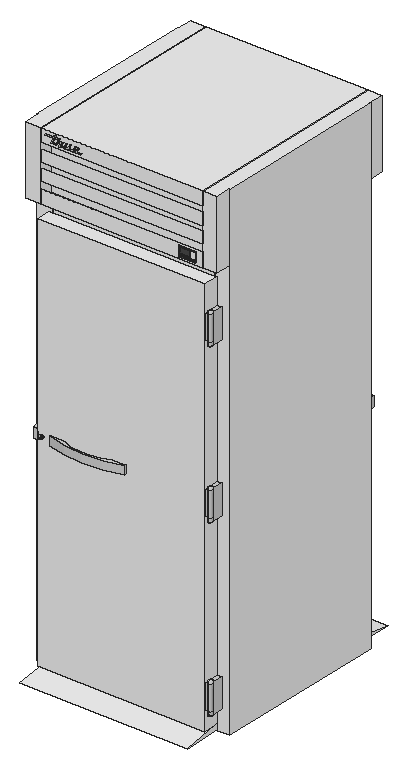
Revit family
Parameters
  Weight in Pounds = 0
  Watts = Volts * FL Amps  # 1023.5 W
  Volts = 115 V
  URL Cutsheet = "www.truemfg.com"
  URL = "www.truemfg.com"
  Type Mark [instance] = ""
  Type Comments = ""
  Status [instance] = ""
  Specification by User [instance] = ""
  Specification by Manufacturer = ""
  Show Logo [instance] = yes
  Show Clearance [instance] = yes
  Serial Number = ""
  Seismic Rating = ""
  SMACNA No = ""
  Revision Code [instance] = ""
  Phase = 1
  Omniclass Number and Title = ""
  Number of Poles [instance] = 1
  NAFEM Spec ID Number = ""
  Model = "STA1RRT89-1S-1S"
  Min Ckt Ampacity = 0 A
  Max Overcurrent Protection = 0 A
  Masterspec = ""
  Manufacturer = "TRUE FOOD SERVICE EQUIPMENT, INC."
  Length = 35"
  Item Number [instance] = ""
  Installed By [instance] = ""
  Identify Quantity as Lot [instance] = yes
  Height = 88 3/4"
  HP = "1/3"
  Furnished By [instance] = ""
  Foodservice Equipment Identifier [instance] = yes
  FL Amps = 8.9 A
  Electrical Remarks [instance] = ""
  Electric Connection Type [instance] = ""
  Elec Conn RI Height [instance] = 0"
  Elec Conn Connection Height [instance] = 0"
  Description = "Roll-thru Solid Swing Door Refrigerator"
  Depth = 37 1/2"
  Cycle = 60 Hz
  Conn Plug = "5-15P"
  Conn Conduit = yes
  CSI MasterFormat = ""
  CSI Master Format = ""
  Apparent Power = if(Phase = 3, Volts * FL Amps * 1.73, Volts * FL Amps)  # 1023.5 VA
Reference planes (in)
  plane 1 "BACK": y = 0
  plane 2: z = 0
  plane 3 "LEFT": x = 0
  plane 4 "RIGHT": x = 35
  plane 5 "FRONT": y = -37.5
  plane 6 "TOP": z = 88.75
  plane 7: x = 2.84375
  plane 8: y = -37.4542
  plane 9: x = 32.15625
  plane 10: y = -0.0458
  plane 11: y = -18.75
  plane 12: z = 73.75
Forms (in)
  Extrusion 1, solid, material "QF_Finishes_Chrome - Satin"
    sketch origin (0.05, 0, 0) x (1, 0, 0) y (0, 1, 0)
      loop
        line (-0.05, -2.75) -> (-0.05, -34.75) -> (2.87859, -34.75) -> (2.87859, -2.75) -> (-0.05, -2.75)
    from 0 to 88.75
  Extrusion 2, solid, material "QF_Finishes_Chrome - Satin"
    sketch origin (50.15, 0, 0) x (1, 0, 0) y (0, 1, 0)
      loop
        line (-17.85, -2.75) -> (-17.85, -34.75) -> (-15.15, -34.75) -> (-15.15, -2.75) -> (-17.85, -2.75)
    from 0 to 88.75
  Extrusion 3, solid, material "QF_Finishes_Chrome - Satin"
    sketch origin (0, 0, 0) x (0, 1, 0) y (0, 0, 1)
      loop
        line (-37.4542, 76.28125) -> (-34.75, 76.28125) -> (-34.75, 0) -> (-2.75, 0) -> (-2.75, 76.28125) -> (-0.0458, 76.28125) -> (-0.0458, 78.81726) -> (-2.25, 77.25) -> (-2.25, 78.52557) -> (-0.0458, 80.09284) -> (-0.0458, 82.18904) -> (-2.25, 80.62178) -> (-2.25, 81.58254) -> (-0.0458, 83.1498) -> (-0.0458, 85.28351) -> (-2.25, 83.71625) -> (-2.25, 84.83852) -> (-0.0458, 86.40578) -> (-0.0458, 88.75) -> (-37.4542, 88.75) -> (-37.4542, 86.40578) -> (-35.25, 84.83852) -> (-35.25, 83.71625) -> (-37.4542, 85.28351) -> (-37.4542, 83.1498) -> (-35.25, 81.58254) -> (-35.25, 80.62178) -> (-37.4542, 82.18904) -> (-37.4542, 80.09284) -> (-35.25, 78.52557) -> (-35.25, 77.25) -> (-37.4542, 78.81726) -> (-37.4542, 76.28125)
    from 2.92859 to 32.3
  Extrusion 4, solid, material "QF_Finishes_Chrome - Satin"
    sketch origin (0, 0, 0) x (1, 0, 0) y (0, 1, 0)
      loop
        line (34.84782, -34.75) -> (32.3, -34.75) -> (32.3, -37.5) -> (34.84782, -37.5) -> (34.84782, -34.75)
      loop
        line (34.84782, -2.75) -> (34.84782, 0) -> (32.3, 0) -> (32.3, -2.75) -> (34.84782, -2.75)
    from 76.28125 to 88.75
  Extrusion 5, solid, material "QF_Finishes_Chrome - Satin"
    sketch origin (-50.125, 0, 0.25) x (1, 0, 0) y (0, 1, 0)
      loop
        line (53.05359, -34.75) -> (50.24109, -34.75) -> (50.24109, -37.5) -> (53.05359, -37.5) -> (53.05359, -34.75)
      loop
        line (53.05359, -2.75) -> (53.05359, 0) -> (50.24109, 0) -> (50.24109, -2.75) -> (53.05359, -2.75)
    from 76.03125 to 88.5
  Extrusion 6, solid, material "QF_Finishes_Chrome - Satin"
    sketch origin (-24.96875, -3.75, -0.71875) x (1, 0, 0) y (0, 0, 1)
      loop
        line (27.25, 1.71875) -> (57.65625, 1.71875) -> (57.65625, 74.46875) -> (27.25, 74.46875) -> (27.25, 1.71875)
    from 31 to 33.75
  Extrusion 7, solid, material "QF_Finishes_Handrails and Railings"
    sketch origin (58.625, -0.25, 26.93519) x (1, 0, 0) y (0, 1, 0)
      loop
        line (-53.875, -37.25) -> (-53.875, -37.45)
        arc (-53.875, -37.45) -> (-47.075, -38.65633) -> (-40.275, -37.45) r 19.7687
        line (-40.275, -37.45) -> (-40.275, -37.25) -> (-42.675, -37.25)
        arc (-42.675, -37.25) -> (-47.075, -38.40816) -> (-51.475, -37.25) r 8.93713
        line (-51.475, -37.25) -> (-53.875, -37.25)
    from 10.87731 to 12.37731
  Extrusion 8, solid, material "QF_Finishes_Handrails and Railings"
    sketch origin (-23.375, -3.83467, -1.5) x (1, 0, 0) y (0, 0, 1)
      loop
        circle (26.4375, 40.0625) r 0.35
      loop
        line (26.47265, 40.33635) -> (26.41715, 40.33635) -> (26.41715, 39.76895) -> (26.47265, 39.76895) -> (26.47265, 40.33635)
    from 33.5 to 33.83066
  Extrusion 9, solid, material "QF_Finishes_Handrails and Railings", visible <- "Show Logo"
    sketch origin (0.33478, -2.68623, 5.01857) x (1, 0, 0) y (0, 0, 1)
      loop
        line (3.46044, 83.08731) -> (3.35478, 82.86073) -> (4.76027, 82.86073)
        arc (4.76027, 82.86073) -> (4.78879, 82.81028) -> (4.76027, 82.75984) r 0.05887
        line (4.76027, 82.75984) -> (4.39369, 81.97372)
        arc (4.39369, 81.97372) -> (4.39051, 81.90091) -> (4.43975, 81.84717) r 0.09523
        line (4.43975, 81.84717) -> (5.33844, 81.84717)
        arc (5.33844, 81.84717) -> (5.45192, 81.88295) -> (5.52436, 81.97735) r 0.19785
        line (5.52436, 81.97735) -> (5.81285, 82.59601) -> (6.0779, 82.59601)
        arc (6.0779, 82.59601) -> (6.14744, 82.57043) -> (6.13737, 82.49703) r 0.05911
        line (6.13737, 82.49703) -> (5.89598, 81.97937)
        arc (5.89598, 81.97937) -> (5.89974, 81.8934) -> (5.97231, 81.84717) r 0.09318
        line (5.97231, 81.84717) -> (6.76198, 81.84717)
        arc (6.76198, 81.84717) -> (6.82249, 81.86919) -> (6.85468, 81.92495) r 0.09412
        arc (6.85468, 81.92495) -> (6.87746, 81.86995) -> (6.93246, 81.84717) r 0.07778
        line (6.93246, 81.84717) -> (7.43246, 81.84717)
        arc (7.43246, 81.84717) -> (7.49022, 81.86265) -> (7.53251, 81.90493) r 0.11552
        arc (7.53251, 81.90493) -> (7.55275, 81.85606) -> (7.60162, 81.83581) r 0.06912
        line (7.60162, 81.83581) -> (8.31225, 81.83581)
        arc (8.31225, 81.83581) -> (8.37034, 81.85988) -> (8.39441, 81.91797) r 0.08216
        arc (8.39441, 81.91797) -> (8.44767, 81.86472) -> (8.52042, 81.84522) r 0.14551
        line (8.52042, 81.84522) -> (9.85158, 81.84522) -> (9.99946, 82.10134) -> (8.65678, 82.10134)
        arc (8.65678, 82.10134) -> (8.61972, 82.12704) -> (8.61834, 82.17211) r 0.05009
        line (8.61834, 82.17211) -> (8.64157, 82.22192)
        arc (8.64157, 82.22192) -> (8.67723, 82.26864) -> (8.73327, 82.28635) r 0.09747
        line (8.73327, 82.28635) -> (9.16485, 82.28635)
        arc (9.16485, 82.28635) -> (9.258, 82.31131) -> (9.32619, 82.3795) r 0.1863
        line (9.32619, 82.3795) -> (9.45119, 82.59601)
        arc (9.45119, 82.59601) -> (9.45119, 82.71157) -> (9.35111, 82.76934) r 0.11556
        line (9.35111, 82.76934) -> (8.89562, 82.76934)
        arc (8.89562, 82.76934) -> (8.7795, 82.74962) -> (8.69849, 82.66412) r 0.18605
        line (8.69849, 82.66412) -> (8.48204, 82.19993)
        arc (8.48204, 82.19993) -> (8.41815, 82.11667) -> (8.31806, 82.08511) r 0.1745
        line (8.31806, 82.08511) -> (7.84559, 82.08511)
        arc (7.84559, 82.08511) -> (7.78903, 82.14684) -> (7.79268, 82.23048) r 0.10939
        line (7.79268, 82.23048) -> (8.04395, 82.76934) -> (7.88403, 82.76934) -> (7.61781, 82.19844)
        arc (7.61781, 82.19844) -> (7.56609, 82.13103) -> (7.48505, 82.10548) r 0.14128
        line (7.48505, 82.10548) -> (7.15925, 82.10548)
        arc (7.15925, 82.10548) -> (7.10419, 82.17723) -> (7.116, 82.26689) r 0.11816
        line (7.116, 82.26689) -> (7.3503, 82.76934) -> (7.18514, 82.76934) -> (6.91546, 82.191)
        arc (6.91546, 82.191) -> (6.85285, 82.12839) -> (6.76733, 82.10548) r 0.17104
        line (6.76733, 82.10548) -> (6.29555, 82.10548)
        arc (6.29555, 82.10548) -> (6.21082, 82.14499) -> (6.20267, 82.23813) r 0.0935
        line (6.20267, 82.23813) -> (6.35774, 82.57069) -> (6.57695, 82.57069)
        arc (6.57695, 82.57069) -> (6.61395, 82.68217) -> (6.69267, 82.76934) r 0.2857
        line (6.69267, 82.76934) -> (5.83605, 82.76934)
        arc (5.83605, 82.76934) -> (5.74086, 82.74824) -> (5.67498, 82.67635) r 0.16212
        line (5.67498, 82.67635) -> (5.44279, 82.17841)
        arc (5.44279, 82.17841) -> (5.3894, 82.12502) -> (5.31647, 82.10548) r 0.14586
        line (5.31647, 82.10548) -> (4.80506, 82.10548)
        arc (4.80506, 82.10548) -> (4.76514, 82.15942) -> (4.77274, 82.22609) r 0.09155
        line (4.77274, 82.22609) -> (5.11018, 82.86073) -> (5.96155, 82.86073) -> (6.06721, 83.08731) -> (5.21584, 83.08731) -> (5.32149, 83.31388) -> (5.01862, 83.31388) -> (4.91297, 83.08731) -> (3.46044, 83.08731)
      loop
        arc (8.83805, 82.56363) -> (8.80119, 82.55375) -> (8.7742, 82.52676) r 0.07373
        line (8.7742, 82.52676) -> (8.75229, 82.45936)
        arc (8.75229, 82.45936) -> (8.76245, 82.43483) -> (8.78699, 82.42466) r 0.0347
        line (8.78699, 82.42466) -> (9.15948, 82.42466)
        arc (9.15948, 82.42466) -> (9.18632, 82.43061) -> (9.20812, 82.44734) r 0.0635
        line (9.20812, 82.44734) -> (9.22624, 82.53122)
        arc (9.22624, 82.53122) -> (9.22091, 82.55368) -> (9.20009, 82.56363) r 0.02676
        line (9.20009, 82.56363) -> (8.83805, 82.56363)
    from 34.76797 to 34.83173
  Extrusion 10, solid, material "QF_Finishes_White"
    sketch origin (-22.74812, -2.7042, -7.94372) x (1, 0, 0) y (0, 0, 1)
      loop
        line (50.81732, 86.35727) -> (50.81732, 84.60996) -> (53.72357, 84.60996) -> (53.72357, 86.35727) -> (50.81732, 86.35727)
    from 34.75 to 34.76797
  Extrusion 11, solid, material "QF_Finishes_Black"
    sketch origin (-22.74812, -2.7042, -7.94372) x (1, 0, 0) y (0, 0, 1)
      loop
        line (53.78607, 86.41977) -> (50.75482, 86.41977) -> (50.75482, 84.54746) -> (53.78607, 84.54746) -> (53.78607, 86.41977)
      loop
        spline (50.95482, 84.87872) -> (50.96333, 84.86254) -> (50.98831, 84.84747) -> (51.02804, 84.83452) -> (51.07982, 84.82459) -> (51.14011, 84.81835) -> (51.20482, 84.81622) -> (51.26952, 84.81835) -> (51.32982, 84.82459) -> (51.38159, 84.83452) -> (51.42132, 84.84747) -> (51.4463, 84.86254) -> (51.45482, 84.87872)
        spline (51.45482, 84.87872) -> (51.4463, 84.89489) -> (51.42132, 84.90997) -> (51.38159, 84.92291) -> (51.32982, 84.93284) -> (51.26952, 84.93909) -> (51.20482, 84.94122) -> (51.14011, 84.93909) -> (51.07982, 84.93284) -> (51.02804, 84.92291) -> (50.98831, 84.90997) -> (50.96333, 84.89489) -> (50.95482, 84.87872)
      loop
        spline (51.65083, 84.87872) -> (51.65935, 84.86254) -> (51.68432, 84.84747) -> (51.72405, 84.83452) -> (51.77583, 84.82459) -> (51.83612, 84.81835) -> (51.90083, 84.81622) -> (51.96553, 84.81835) -> (52.02583, 84.82459) -> (52.07761, 84.83452) -> (52.11734, 84.84747) -> (52.14231, 84.86254) -> (52.15083, 84.87872)
        spline (52.15083, 84.87872) -> (52.14231, 84.89489) -> (52.11734, 84.90997) -> (52.07761, 84.92291) -> (52.02583, 84.93284) -> (51.96553, 84.93909) -> (51.90083, 84.94122) -> (51.83612, 84.93909) -> (51.77583, 84.93284) -> (51.72405, 84.92291) -> (51.68432, 84.90997) -> (51.65935, 84.89489) -> (51.65083, 84.87872)
      loop
        spline (52.40083, 84.87872) -> (52.40935, 84.86254) -> (52.43432, 84.84747) -> (52.47405, 84.83452) -> (52.52583, 84.82459) -> (52.58612, 84.81835) -> (52.65083, 84.81622) -> (52.71553, 84.81835) -> (52.77583, 84.82459) -> (52.82761, 84.83452) -> (52.86734, 84.84747) -> (52.89231, 84.86254) -> (52.90083, 84.87872)
        spline (52.90083, 84.87872) -> (52.89231, 84.89489) -> (52.86734, 84.90997) -> (52.82761, 84.92291) -> (52.77583, 84.93284) -> (52.71553, 84.93909) -> (52.65083, 84.94122) -> (52.58612, 84.93909) -> (52.52583, 84.93284) -> (52.47405, 84.92291) -> (52.43432, 84.90997) -> (52.40935, 84.89489) -> (52.40083, 84.87872)
      loop
        line (50.95481, 86.21978) -> (50.95481, 85.21978) -> (52.65433, 85.21978) -> (52.65433, 86.21978) -> (50.95481, 86.21978)
      loop
        line (53.72357, 86.35727) -> (50.81732, 86.35727) -> (50.81732, 84.60996) -> (53.72357, 84.60996) -> (53.72357, 86.35727)
      loop
        spline (53.15083, 84.87872) -> (53.15935, 84.86254) -> (53.18432, 84.84747) -> (53.22405, 84.83452) -> (53.27583, 84.82459) -> (53.33612, 84.81835) -> (53.40083, 84.81622) -> (53.46553, 84.81835) -> (53.52583, 84.82459) -> (53.57761, 84.83452) -> (53.61734, 84.84747) -> (53.64231, 84.86254) -> (53.65083, 84.87872)
        spline (53.65083, 84.87872) -> (53.64231, 84.89489) -> (53.61734, 84.90997) -> (53.57761, 84.92291) -> (53.52583, 84.93284) -> (53.46553, 84.93909) -> (53.40083, 84.94122) -> (53.33612, 84.93909) -> (53.27583, 84.93284) -> (53.22405, 84.92291) -> (53.18432, 84.90997) -> (53.15935, 84.89489) -> (53.15083, 84.87872)
    from 34.76797 to 34.80335
  Extrusion 12, solid
    sketch origin (-25.125, 0, 0) x (1, 0, 0) y (0, 0, 1)
      loop
        circle (56.875, 86.625) r 0.25
    from 0 to 0.0625
  Blend 13, solid, material "QF_Finishes_Handrails and Railings"
    base sketch origin (27.53125, -3.75, 0.5) x (-1, 0, 0) y (0, 0, -1)
      loop
        line (25.25, -38.99169) -> (26, -38.99169) -> (26, -37.24169) -> (25.25, -37.24169) -> (25.25, -38.99169)
    top sketch origin (27.53125, 0, 0.5) x (-1, 0, 0) y (0, 0, -1)
      loop
        line (26.18223, -36.6441) -> (25.25, -36.6441) -> (25.25, -39.42643) -> (26.18223, -39.42643) -> (26.18223, -36.6441)
    from 33.57883 to 34.75
  Extrusion 14, solid, material "QF_Finishes_Handrails and Railings"
    sketch origin (33.78125, 0, 0) x (0, 1, 0) y (0, 0, -1)
      loop
        line (-34.75, -69.17729) -> (-34.75, -63.86127) -> (-37, -63.86127) -> (-37, -64.57348) -> (-36.56497, -64.57348) -> (-36.56497, -68.97276)
        arc (-36.56497, -68.97276) -> (-36.50506, -69.11738) -> (-36.36044, -69.17729) r 0.20453
        line (-36.36044, -69.17729) -> (-34.75, -69.17729)
    from 0.17506 to 1
  Revolve 15, solid, material "QF_Finishes_Handrails and Railings"
    sketch origin (33.28125, 0, 0) x (0, 1, 0) y (0, 0, -1)
      loop
        line (-37.01563, -64.62689) -> (-37.42229, -64.62689) -> (-37.42229, -69.0986)
        arc (-37.42229, -69.0986) -> (-37.28722, -69.35057) -> (-37.01563, -69.43983) r 0.3848
        line (-37.01563, -69.43983) -> (-37.01563, -64.62689)
      loop
        line (-37.01563, -64.57348) -> (-37.01563, -63.67281)
        arc (-37.01563, -63.67281) -> (-37.28264, -63.75883) -> (-37.42229, -64.00212) r 0.38884
        line (-37.42229, -64.00212) -> (-37.42229, -64.57348) -> (-37.01563, -64.57348)
      axis (-37.01563, -63.67281) -> (-37.01563, -69.43983)
    angle from 0 to 360
  Extrusion 16, solid, material "QF_Finishes_Handrails and Railings"
    sketch origin (27.5, -3.82734, 0.0011) x (-1, 0, 0) y (0, 0, -1)
      loop
        line (-5.58509, -69.0986) -> (-5.1875, -69.0986) -> (-5.1875, -64.62579) -> (-5.58509, -64.62579) -> (-5.58509, -69.0986)
    from 32.81497 to 33.59495
  Extrusion 17, solid, material "QF_Finishes_Handrails and Railings"
    sketch origin (33.78125, 0, -24) x (0, 1, 0) y (0, 0, -1)
      loop
        line (-34.75, -64.55229) -> (-34.75, -59.23627) -> (-37, -59.23627) -> (-37, -59.94848) -> (-36.56497, -59.94848) -> (-36.56497, -64.34776)
        arc (-36.56497, -64.34776) -> (-36.50506, -64.49238) -> (-36.36044, -64.55229) r 0.20453
        line (-36.36044, -64.55229) -> (-34.75, -64.55229)
    from 0.17506 to 1
  Revolve 18, solid, material "QF_Finishes_Handrails and Railings"
    sketch origin (33.28125, 0, -24) x (0, 1, 0) y (0, 0, -1)
      loop
        line (-37.01563, -60.00189) -> (-37.42229, -60.00189) -> (-37.42229, -64.4736)
        arc (-37.42229, -64.4736) -> (-37.28722, -64.72557) -> (-37.01563, -64.81483) r 0.3848
        line (-37.01563, -64.81483) -> (-37.01563, -60.00189)
      loop
        line (-37.01563, -59.94848) -> (-37.01563, -59.04781)
        arc (-37.01563, -59.04781) -> (-37.28264, -59.13383) -> (-37.42229, -59.37712) r 0.38884
        line (-37.42229, -59.37712) -> (-37.42229, -59.94848) -> (-37.01563, -59.94848)
      axis (-37.01563, -59.04781) -> (-37.01563, -64.81483)
    angle from 0 to 360
  Extrusion 19, solid, material "QF_Finishes_Handrails and Railings"
    sketch origin (27.5, -3.82734, -23.9989) x (-1, 0, 0) y (0, 0, -1)
      loop
        line (-5.58509, -64.4736) -> (-5.1875, -64.4736) -> (-5.1875, -60.00079) -> (-5.58509, -60.00079) -> (-5.58509, -64.4736)
    from 32.81497 to 33.59495
  Extrusion 20, solid, material "QF_Finishes_Handrails and Railings"
    sketch origin (33.78125, 0, -55.5) x (0, 1, 0) y (0, 0, -1)
      loop
        line (-34.75, -64.55229) -> (-34.75, -59.23627) -> (-37, -59.23627) -> (-37, -59.94848) -> (-36.56497, -59.94848) -> (-36.56497, -64.34776)
        arc (-36.56497, -64.34776) -> (-36.50506, -64.49238) -> (-36.36044, -64.55229) r 0.20453
        line (-36.36044, -64.55229) -> (-34.75, -64.55229)
    from 0.17506 to 1
  Revolve 21, solid, material "QF_Finishes_Handrails and Railings"
    sketch origin (33.28125, 0, -55.5) x (0, 1, 0) y (0, 0, -1)
      loop
        line (-37.01563, -60.00189) -> (-37.42229, -60.00189) -> (-37.42229, -64.4736)
        arc (-37.42229, -64.4736) -> (-37.28722, -64.72557) -> (-37.01563, -64.81483) r 0.3848
        line (-37.01563, -64.81483) -> (-37.01563, -60.00189)
      loop
        line (-37.01563, -59.94848) -> (-37.01563, -59.04781)
        arc (-37.01563, -59.04781) -> (-37.28264, -59.13383) -> (-37.42229, -59.37712) r 0.38884
        line (-37.42229, -59.37712) -> (-37.42229, -59.94848) -> (-37.01563, -59.94848)
      axis (-37.01563, -59.04781) -> (-37.01563, -64.81483)
    angle from 0 to 360
  Extrusion 22, solid, material "QF_Finishes_Handrails and Railings"
    sketch origin (27.5, -3.82734, -55.4989) x (-1, 0, 0) y (0, 0, -1)
      loop
        line (-5.58509, -64.4736) -> (-5.1875, -64.4736) -> (-5.1875, -60.00079) -> (-5.58509, -60.00079) -> (-5.58509, -64.4736)
    from 32.81497 to 33.59495
  Extrusion 23, solid, material "QF_Finishes_Door Clearance", visible <- "Show Clearance", detail levels coarse
    sketch origin (26.42841, -3.6098, 0) x (1, 0, 0) y (0, 1, 0)
      loop
        line (6.32159, -33.8902) -> (-24.14716, -33.8902)
        arc (-24.14716, -33.8902) -> (-15.22307, -55.43486) -> (6.32159, -64.35895) r 30.46875
        line (6.32159, -64.35895) -> (6.32159, -33.8902)
    from 1 to 73.75
  Extrusion 24, solid, material "QF_Finishes_Chrome - Satin"
    sketch origin (32.6875, -3.75, 1) x (0, 0, 1) y (0, -1, 0)
      loop
        line (-1, 37.6875) -> (-1, 31) -> (0, 31) -> (-1, 37.6875)
    from 0 to -30.40625
  Extrusion 25, solid, material "QF_Finishes_Chrome - Satin"
    sketch origin (59.96875, -33.75, -0.71875) x (-1, 0, 0) y (0, 0, 1)
      loop
        line (27.25, 1.71875) -> (57.65625, 1.71875) -> (57.65625, 74.46875) -> (27.25, 74.46875) -> (27.25, 1.71875)
    from 31 to 33.75
  Extrusion 26, solid, material "QF_Finishes_Handrails and Railings"
    sketch origin (-23.625, -37.25, 26.93519) x (-1, 0, 0) y (0, -1, 0)
      loop
        line (-53.875, -37.25) -> (-53.875, -37.45)
        arc (-53.875, -37.45) -> (-47.075, -38.65628) -> (-40.275, -37.45) r 19.76948
        line (-40.275, -37.45) -> (-40.275, -37.25) -> (-42.675, -37.25)
        arc (-42.675, -37.25) -> (-47.075, -38.40816) -> (-51.475, -37.25) r 8.93715
        line (-51.475, -37.25) -> (-53.875, -37.25)
    from 10.87731 to 12.37731
  Extrusion 27, solid, material "QF_Finishes_Handrails and Railings"
    sketch origin (58.375, -33.66533, -1.5) x (-1, 0, 0) y (0, 0, 1)
      loop
        circle (26.4375, 40.0625) r 0.35
      loop
        line (26.47265, 40.33635) -> (26.41715, 40.33635) -> (26.41715, 39.76895) -> (26.47265, 39.76895) -> (26.47265, 40.33635)
    from 33.5 to 33.83066
  Blend 28, solid, material "QF_Finishes_Handrails and Railings"
    base sketch origin (7.46875, -33.75, 0.5) x (1, 0, 0) y (0, 0, -1)
      loop
        line (25.25, -38.99169) -> (26, -38.99169) -> (26, -37.24169) -> (25.25, -37.24169) -> (25.25, -38.99169)
    top sketch origin (7.46875, -37.5, 0.5) x (1, 0, 0) y (0, 0, -1)
      loop
        line (26.18223, -36.6441) -> (25.25, -36.6441) -> (25.25, -39.42643) -> (26.18223, -39.42643) -> (26.18223, -36.6441)
    from 33.57883 to 34.75
  Extrusion 29, solid, material "QF_Finishes_Handrails and Railings"
    sketch origin (1.21875, -37.5, 0) x (0, -1, 0) y (0, 0, -1)
      loop
        line (-34.75, -69.17729) -> (-34.75, -63.86127) -> (-37, -63.86127) -> (-37, -64.57348) -> (-36.56497, -64.57348) -> (-36.56497, -68.97276)
        arc (-36.56497, -68.97276) -> (-36.50506, -69.11738) -> (-36.36044, -69.17729) r 0.20453
        line (-36.36044, -69.17729) -> (-34.75, -69.17729)
    from 0.17506 to 1
  Revolve 30, solid, material "QF_Finishes_Handrails and Railings"
    sketch origin (1.71875, -37.5, 0) x (0, -1, 0) y (0, 0, -1)
      loop
        line (-37.01563, -64.62689) -> (-37.42229, -64.62689) -> (-37.42229, -69.0986)
        arc (-37.42229, -69.0986) -> (-37.28722, -69.35057) -> (-37.01563, -69.43983) r 0.3848
        line (-37.01563, -69.43983) -> (-37.01563, -64.62689)
      loop
        line (-37.01563, -64.57348) -> (-37.01563, -63.67281)
        arc (-37.01563, -63.67281) -> (-37.28264, -63.75883) -> (-37.42229, -64.00212) r 0.38884
        line (-37.42229, -64.00212) -> (-37.42229, -64.57348) -> (-37.01563, -64.57348)
      axis (-37.01563, -63.67281) -> (-37.01563, -69.43983)
    angle from 0 to 360
  Extrusion 31, solid, material "QF_Finishes_Handrails and Railings"
    sketch origin (7.5, -33.67266, 0.0011) x (1, 0, 0) y (0, 0, -1)
      loop
        line (-5.58509, -69.0986) -> (-5.1875, -69.0986) -> (-5.1875, -64.62579) -> (-5.58509, -64.62579) -> (-5.58509, -69.0986)
    from 32.81497 to 33.59495
  Extrusion 32, solid, material "QF_Finishes_Handrails and Railings"
    sketch origin (1.21875, -37.5, -24) x (0, -1, 0) y (0, 0, -1)
      loop
        line (-34.75, -64.55229) -> (-34.75, -59.23627) -> (-37, -59.23627) -> (-37, -59.94848) -> (-36.56497, -59.94848) -> (-36.56497, -64.34776)
        arc (-36.56497, -64.34776) -> (-36.50506, -64.49238) -> (-36.36044, -64.55229) r 0.20453
        line (-36.36044, -64.55229) -> (-34.75, -64.55229)
    from 0.17506 to 1
  Revolve 33, solid, material "QF_Finishes_Handrails and Railings"
    sketch origin (1.71875, -37.5, -24) x (0, -1, 0) y (0, 0, -1)
      loop
        line (-37.01563, -60.00189) -> (-37.42229, -60.00189) -> (-37.42229, -64.4736)
        arc (-37.42229, -64.4736) -> (-37.28722, -64.72557) -> (-37.01563, -64.81483) r 0.3848
        line (-37.01563, -64.81483) -> (-37.01563, -60.00189)
      loop
        line (-37.01563, -59.94848) -> (-37.01563, -59.04781)
        arc (-37.01563, -59.04781) -> (-37.28264, -59.13383) -> (-37.42229, -59.37712) r 0.38884
        line (-37.42229, -59.37712) -> (-37.42229, -59.94848) -> (-37.01563, -59.94848)
      axis (-37.01563, -59.04781) -> (-37.01563, -64.81483)
    angle from 0 to 360
  Extrusion 34, solid, material "QF_Finishes_Handrails and Railings"
    sketch origin (7.5, -33.67266, -23.9989) x (1, 0, 0) y (0, 0, -1)
      loop
        line (-5.58509, -64.4736) -> (-5.1875, -64.4736) -> (-5.1875, -60.00079) -> (-5.58509, -60.00079) -> (-5.58509, -64.4736)
    from 32.81497 to 33.59495
  Extrusion 35, solid, material "QF_Finishes_Handrails and Railings"
    sketch origin (1.21875, -37.5, -55.5) x (0, -1, 0) y (0, 0, -1)
      loop
        line (-34.75, -64.55229) -> (-34.75, -59.23627) -> (-37, -59.23627) -> (-37, -59.94848) -> (-36.56497, -59.94848) -> (-36.56497, -64.34776)
        arc (-36.56497, -64.34776) -> (-36.50506, -64.49238) -> (-36.36044, -64.55229) r 0.20453
        line (-36.36044, -64.55229) -> (-34.75, -64.55229)
    from 0.17506 to 1
  Revolve 36, solid, material "QF_Finishes_Handrails and Railings"
    sketch origin (1.71875, -37.5, -55.5) x (0, -1, 0) y (0, 0, -1)
      loop
        line (-37.01563, -60.00189) -> (-37.42229, -60.00189) -> (-37.42229, -64.4736)
        arc (-37.42229, -64.4736) -> (-37.28722, -64.72557) -> (-37.01563, -64.81483) r 0.3848
        line (-37.01563, -64.81483) -> (-37.01563, -60.00189)
      loop
        line (-37.01563, -59.94848) -> (-37.01563, -59.04781)
        arc (-37.01563, -59.04781) -> (-37.28264, -59.13383) -> (-37.42229, -59.37712) r 0.38884
        line (-37.42229, -59.37712) -> (-37.42229, -59.94848) -> (-37.01563, -59.94848)
      axis (-37.01563, -59.04781) -> (-37.01563, -64.81483)
    angle from 0 to 360
  Extrusion 37, solid, material "QF_Finishes_Handrails and Railings"
    sketch origin (7.5, -33.67266, -55.4989) x (1, 0, 0) y (0, 0, -1)
      loop
        line (-5.58509, -64.4736) -> (-5.1875, -64.4736) -> (-5.1875, -60.00079) -> (-5.58509, -60.00079) -> (-5.58509, -64.4736)
    from 32.81497 to 33.59495
  Extrusion 38, solid, material "QF_Finishes_Door Clearance", visible <- "Show Clearance", detail levels coarse
    sketch origin (8.57159, -33.8902, 0) x (-1, 0, 0) y (0, -1, 0)
      loop
        line (6.32159, -33.8902) -> (-24.14716, -33.8902)
        arc (-24.14716, -33.8902) -> (-15.22307, -55.43486) -> (6.32159, -64.35895) r 30.46875
        line (6.32159, -64.35895) -> (6.32159, -33.8902)
    from 1 to 73.75
  Extrusion 39, solid, material "QF_Finishes_Chrome - Satin"
    sketch origin (2.3125, -33.75, 1) x (0, 0, 1) y (0, 1, 0)
      loop
        line (-1, 37.6875) -> (-1, 31) -> (0, 31) -> (-1, 37.6875)
    from 0 to -30.40625
Cuts and joins
  joined: Extrusion 1, Extrusion 2, Extrusion 4, Extrusion 5
Lines and regions (in)
  symbolic lines
    curve 1: line (0, 0, 0) -> (35, 0, 0)
    curve 2: line (0, -37.5, 0) -> (0, 0, 0)
    curve 3: line (35, -37.5, 0) -> (0, -37.5, 0)
    curve 4: line (35, 0, 0) -> (35, -37.5, 0)
    curve 5: line (35, -35.25, 0) -> (0, -35.25, 0)
    curve 6: arc (15.95746, -37.5, 0) -> (11.55746, -38.65816, 0) -> (7.15746, -37.5, 0) r 8.93715
    curve 7: line (4.75746, -37.5, 0) -> (4.75746, -37.70273, 0)
    curve 8: line (18.35746, -37.69726, 0) -> (18.35746, -37.5, 0)
    curve 13: line (16.65, 0.2, 0) -> (16.65, 0, 0)
    curve 14: line (30.25, 0, 0) -> (30.25, 0.2, 0)
    curve 15: arc (19.05, 0, 0) -> (23.45, 1.15816, 0) -> (27.85, 0, 0) r 8.93715
    curve 16: arc (4.75746, -37.70273, 0) -> (11.55795, -38.90633, 0) -> (18.35746, -37.69726, 0) r 19.7687
    curve 17: arc (30.25, 0.2, 0) -> (23.45, 1.40628, 0) -> (16.65, 0.2, 0) r 19.76948
    curve 18: line (35, -2.25, 0) -> (0, -2.25, 0)
  symbolic lines, style "QF-Door Swings", visible <- "Show Clearance", detail levels coarse
    curve 9: line (32.75, -37.5, 0) -> (32.75, -67.96875, 0)
    curve 10: arc (32.75, -67.96875, 0) -> (11.20534, -59.04466, 0) -> (2.28125, -37.5, 0) r 30.46875
    curve 11: line (2.25, 0, 0) -> (2.25, 30.46875, 0)
    curve 12: arc (2.25, 30.46875, 0) -> (23.79466, 21.54466, 0) -> (32.71875, 0, 0) r 30.46875
Dimensions and locks (in)
  "Depth": plane 5 "FRONT" to plane 1 "BACK"
  plane 6 "TOP" to level = 88 3/4"  (x2)
  Extrusion 6 sketch curve to Extrusion 6 sketch curve = 30 13/32"
  Extrusion 6 to plane 1 "BACK" = 37 1/2"
  "Length": plane 3 "LEFT" to plane 4 "RIGHT"
  plane 4 "RIGHT" to plane 3 "LEFT" = 35"
  plane 5 "FRONT" to plane 1 "BACK" = 37 1/2"
  Extrusion 25 sketch curve to Extrusion 25 sketch curve = 30 13/32"
  plane 12 to level = 73 3/4"
  aligned and locked: level to plane 2
Automatic sketch dimensions
  Extrusion 39 sketch curve to Extrusion 25 = 0"
  Extrusion 39 sketch curve to Extrusion 39 sketch curve = 1"
  Extrusion 39 sketch curve to Extrusion 25 = 3 15/16"
  Extrusion 1 sketch curve to plane 3 "LEFT" = 0"
  plane 1 "BACK" to Extrusion 1 sketch curve = 2 3/4"
  plane 7 to Extrusion 1 sketch curve = 0.08484"
  Extrusion 1 sketch curve to plane 5 "FRONT" = 2 3/4"
  plane 1 "BACK" to Extrusion 2 sketch curve = 2 3/4"
  Extrusion 2 sketch curve to plane 4 "RIGHT" = 0"
  Extrusion 2 sketch curve to plane 9 = 0.14375"
  Extrusion 2 sketch curve to plane 5 "FRONT" = 2 3/4"
  Extrusion 3 sketch curve to plane 8 = 0"  (x4)
  Extrusion 3 sketch curve to level = 0"
  Extrusion 3 sketch curve to plane 10 = 0"  (x4)
  Extrusion 3 sketch curve to plane 6 "TOP" = 0"
  plane 8 to Extrusion 3 sketch curve = 2.2042"
  Extrusion 3 sketch curve to Extrusion 3 sketch curve = 0"  (x3)
  plane 8 to Extrusion 3 sketch curve = 2.7042"
  Extrusion 3 sketch curve to Extrusion 3 sketch curve = 2.7042"
  plane 10 to Extrusion 3 sketch curve = 2.2042"
  Extrusion 3 sketch curve to Extrusion 3 sketch curve = 1/2"
  Extrusion 3 sketch curve to plane 6 "TOP" = 12 15/32"  (x2)
  Extrusion 3 sketch curve to Extrusion 3 sketch curve = 31/32"  (x2)
  Extrusion 3 sketch curve to Extrusion 3 sketch curve = 1.27557"  (x4)
  Extrusion 3 sketch curve to Extrusion 3 sketch curve = 0.29169"  (x2)
  Extrusion 3 sketch curve to Extrusion 3 sketch curve = 2.0962"  (x4)
  Extrusion 3 sketch curve to Extrusion 3 sketch curve = 0.96076"  (x4)
  Extrusion 3 sketch curve to Extrusion 3 sketch curve = 2.13371"  (x4)
  Extrusion 3 sketch curve to Extrusion 3 sketch curve = 1.12227"  (x4)
  Extrusion 6 sketch curve to plane 7 = 9/16"
  level to Extrusion 6 sketch curve = 1"
  Extrusion 6 sketch curve to plane 6 "TOP" = 15"
  plane 7 to Extrusion 8 sketch curve = 0.1984"
  plane 7 to Extrusion 8 sketch curve = 7/32"
  Extrusion 8 sketch curve to Extrusion 8 sketch curve = 0.0555"
  level to Extrusion 8 sketch curve = 38.26895"
  Extrusion 8 sketch curve to Extrusion 8 sketch curve = 0.29355"
  Extrusion 8 sketch curve to Extrusion 8 sketch curve = 0.27385"
  plane 7 to Extrusion 9 sketch curve = 0.84582"
  Extrusion 9 sketch curve to Extrusion 9 sketch curve = 0.10565"  (x5)
  Extrusion 9 sketch curve to Extrusion 9 sketch curve = 1.03891"
  Extrusion 9 sketch curve to Extrusion 9 sketch curve = 0.04606"
  Extrusion 9 sketch curve to Extrusion 9 sketch curve = 0.08631"
  Extrusion 9 sketch curve to Extrusion 9 sketch curve = 0.33624"
  Extrusion 9 sketch curve to Extrusion 9 sketch curve = 0.03034"  (x2)
  Extrusion 9 sketch curve to Extrusion 9 sketch curve = 0.29274"
  Extrusion 9 sketch curve to Extrusion 9 sketch curve = 0.03232"
  Extrusion 9 sketch curve to Extrusion 9 sketch curve = 0.04851"
  Extrusion 9 sketch curve to plane 6 "TOP" = 0.64412"
  Extrusion 9 sketch curve to Extrusion 9 sketch curve = 0.1527"
  Extrusion 9 sketch curve to plane 6 "TOP" = 0.41755"
  Extrusion 9 sketch curve to Extrusion 9 sketch curve = 0.19721"
  Extrusion 9 sketch curve to Extrusion 9 sketch curve = 0.4629"
  Extrusion 9 sketch curve to Extrusion 9 sketch curve = 0.02197"
  Extrusion 9 sketch curve to Extrusion 9 sketch curve = 0.12632"
  Extrusion 9 sketch curve to Extrusion 9 sketch curve = 0.18591"
  Extrusion 9 sketch curve to plane 6 "TOP" = 1.05508"
  Extrusion 9 sketch curve to Extrusion 9 sketch curve = 0.2322"
  Extrusion 9 sketch curve to Extrusion 9 sketch curve = 0.13786"
  Extrusion 9 sketch curve to Extrusion 9 sketch curve = 0.00907"
  Extrusion 9 sketch curve to Extrusion 9 sketch curve = 0.01413"
  Extrusion 9 sketch curve to Extrusion 9 sketch curve = 0.37162"
  Extrusion 9 sketch curve to plane 6 "TOP" = 0.8707"
  Extrusion 9 sketch curve to Extrusion 9 sketch curve = 0.12551"
  Extrusion 9 sketch curve to Extrusion 9 sketch curve = 0.07633"
  Extrusion 9 sketch curve to Extrusion 9 sketch curve = 0.08445"
  Extrusion 9 sketch curve to Extrusion 9 sketch curve = 0.25598"
  Extrusion 9 sketch curve to Extrusion 9 sketch curve = 0.01887"
  Extrusion 9 sketch curve to Extrusion 9 sketch curve = 0.04061"
  Extrusion 9 sketch curve to plane 6 "TOP" = 1.4933"
  Extrusion 9 sketch curve to Extrusion 9 sketch curve = 0.0653"
  Extrusion 9 sketch curve to Extrusion 9 sketch curve = 0.08474"
  Extrusion 9 sketch curve to Extrusion 9 sketch curve = 0.00815"
  Extrusion 9 sketch curve to Extrusion 9 sketch curve = 0.22037"
  Extrusion 9 sketch curve to Extrusion 9 sketch curve = 0.21921"
  Extrusion 9 sketch curve to Extrusion 9 sketch curve = 0.11572"
  Extrusion 9 sketch curve to Extrusion 9 sketch curve = 0.46643"
  Extrusion 9 sketch curve to Extrusion 9 sketch curve = 0.00535"
  Extrusion 9 sketch curve to Extrusion 9 sketch curve = 0.09269"
  Extrusion 9 sketch curve to Extrusion 9 sketch curve = 0.09348"
  Extrusion 9 sketch curve to Extrusion 9 sketch curve = 0.14812"
  Extrusion 9 sketch curve to Extrusion 9 sketch curve = 0.07778"
  Extrusion 9 sketch curve to Extrusion 9 sketch curve = 0.20054"
  Extrusion 9 sketch curve to Extrusion 9 sketch curve = 0.04325"
  Extrusion 9 sketch curve to plane 6 "TOP" = 0.96209"  (x2)
  Extrusion 9 sketch curve to Extrusion 9 sketch curve = 0.32433"
  Extrusion 9 sketch curve to Extrusion 9 sketch curve = 0.10233"  (x2)
  Extrusion 9 sketch curve to Extrusion 9 sketch curve = 0.16515"
  Extrusion 9 sketch curve to Extrusion 9 sketch curve = 0.27321"
  Extrusion 9 sketch curve to Extrusion 9 sketch curve = 0.0526"
  Extrusion 9 sketch curve to Extrusion 9 sketch curve = 0.10005"
  Extrusion 9 sketch curve to Extrusion 9 sketch curve = 0.06912"
  Extrusion 9 sketch curve to Extrusion 9 sketch curve = 0.13276"
  Extrusion 9 sketch curve to plane 6 "TOP" = 1.50095"
  Extrusion 9 sketch curve to Extrusion 9 sketch curve = 0.17486"
  Extrusion 9 sketch curve to Extrusion 9 sketch curve = 0.05291"
  Extrusion 9 sketch curve to Extrusion 9 sketch curve = 0.53374"
  Extrusion 9 sketch curve to Extrusion 9 sketch curve = 0.09914"
  Extrusion 9 sketch curve to Extrusion 9 sketch curve = 0.15992"
  Extrusion 9 sketch curve to Extrusion 9 sketch curve = 0.46666"
  Extrusion 9 sketch curve to Extrusion 9 sketch curve = 0.00582"
  Extrusion 9 sketch curve to Extrusion 9 sketch curve = 0.08216"
  Extrusion 9 sketch curve to Extrusion 9 sketch curve = 0.16397"
  Extrusion 9 sketch curve to Extrusion 9 sketch curve = 0.12601"
  Extrusion 9 sketch curve to plane 6 "TOP" = 1.55932"
  Extrusion 9 sketch curve to Extrusion 9 sketch curve = 0.1363"
  Extrusion 9 sketch curve to plane 6 "TOP" = 1.50951"
  Extrusion 9 sketch curve to Extrusion 9 sketch curve = 0.02323"
  Extrusion 9 sketch curve to Extrusion 9 sketch curve = 0.03844"
  Extrusion 9 sketch curve to Extrusion 9 sketch curve = 0.0454"
  Extrusion 9 sketch curve to Extrusion 9 sketch curve = 0.05693"
  Extrusion 9 sketch curve to Extrusion 9 sketch curve = 0.0917"
  Extrusion 9 sketch curve to Extrusion 9 sketch curve = 0.01902"
  Extrusion 9 sketch curve to Extrusion 9 sketch curve = 0.02191"
  Extrusion 9 sketch curve to Extrusion 9 sketch curve = 0.0347"
  Extrusion 9 sketch curve to Extrusion 9 sketch curve = 0.06385"
  Extrusion 9 sketch curve to Extrusion 9 sketch curve = 0.02906"
  Extrusion 9 sketch curve to Extrusion 9 sketch curve = 0.02851"
  Extrusion 9 sketch curve to Extrusion 9 sketch curve = 0.29237"
  Extrusion 9 sketch curve to Extrusion 9 sketch curve = 0.00537"
  Extrusion 9 sketch curve to Extrusion 9 sketch curve = 0.0406"
  Extrusion 9 sketch curve to plane 6 "TOP" = 1.28409"
  Extrusion 9 sketch curve to Extrusion 9 sketch curve = 0.04327"
  Extrusion 9 sketch curve to Extrusion 9 sketch curve = 0.02615"
  Extrusion 9 sketch curve to plane 6 "TOP" = 1.35193"
  Extrusion 9 sketch curve to Extrusion 9 sketch curve = 0.11806"
  Extrusion 9 sketch curve to Extrusion 9 sketch curve = 0.15103"
  Extrusion 9 sketch curve to Extrusion 9 sketch curve = 0.10007"
  Extrusion 9 sketch curve to Extrusion 9 sketch curve = 0.5254"
  Extrusion 9 sketch curve to plane 6 "TOP" = 1.63009"
  Extrusion 9 sketch curve to Extrusion 9 sketch curve = 0.14787"
  Extrusion 9 sketch curve to Extrusion 9 sketch curve = 0.14537"
  Extrusion 9 sketch curve to Extrusion 9 sketch curve = 0.63134"
  Extrusion 9 sketch curve to Extrusion 9 sketch curve = 0.11061"
  Extrusion 9 sketch curve to Extrusion 9 sketch curve = 0.25876"
  Extrusion 9 sketch curve to Extrusion 9 sketch curve = 0.06767"
  Extrusion 9 sketch curve to Extrusion 9 sketch curve = 0.12655"
  Extrusion 9 sketch curve to Extrusion 9 sketch curve = 0.12242"
  Extrusion 9 sketch curve to Extrusion 9 sketch curve = 0.29684"
  Extrusion 9 sketch curve to Extrusion 9 sketch curve = 0.03938"
  Extrusion 9 sketch curve to Extrusion 9 sketch curve = 0.06046"
  Extrusion 9 sketch curve to Extrusion 9 sketch curve = 0.13266"
  Extrusion 9 sketch curve to Extrusion 9 sketch curve = 0.14279"
  Extrusion 9 sketch curve to Extrusion 9 sketch curve = 0.07293"
  Extrusion 9 sketch curve to Extrusion 9 sketch curve = 0.07764"
  Extrusion 9 sketch curve to Extrusion 9 sketch curve = 0.03794"
  Extrusion 9 sketch curve to Extrusion 9 sketch curve = 0.08552"
  Extrusion 9 sketch curve to Extrusion 9 sketch curve = 0.09296"
  Extrusion 9 sketch curve to Extrusion 9 sketch curve = 0.02781"
  Extrusion 9 sketch curve to Extrusion 9 sketch curve = 0.04799"
  Extrusion 9 sketch curve to Extrusion 9 sketch curve = 0.03054"
  Extrusion 9 sketch curve to Extrusion 9 sketch curve = 0.2589"
  Extrusion 9 sketch curve to Extrusion 9 sketch curve = 0.0674"
  Extrusion 9 sketch curve to Extrusion 9 sketch curve = 0.0324"
  Extrusion 9 sketch curve to Extrusion 9 sketch curve = 0.26185"
  Extrusion 9 sketch curve to Extrusion 9 sketch curve = 11/256"
  Extrusion 9 sketch curve to Extrusion 9 sketch curve = 0.07366"
  Extrusion 9 sketch curve to Extrusion 9 sketch curve = 0.02187"
  Extrusion 9 sketch curve to Extrusion 9 sketch curve = 0.06479"
  Extrusion 9 sketch curve to Extrusion 9 sketch curve = 0.05778"
  Extrusion 9 sketch curve to Extrusion 9 sketch curve = 0.32747"
  Extrusion 9 sketch curve to Extrusion 9 sketch curve = 0.05045"
  Extrusion 9 sketch curve to Extrusion 9 sketch curve = 29/128"
  plane 9 to Extrusion 10 sketch curve = 4.08705"
  plane 9 to Extrusion 10 sketch curve = 1.1808"
  Extrusion 10 sketch curve to plane 6 "TOP" = 12.08376"
  Extrusion 10 sketch curve to Extrusion 10 sketch curve = 1.74732"
  plane 9 to Extrusion 11 sketch curve = 4.14955"
  Extrusion 11 sketch curve to Extrusion 11 sketch curve = 1/16"  (x4)
  Extrusion 11 sketch curve to Extrusion 11 sketch curve = 0.1375"  (x3)
  Extrusion 11 sketch curve to Extrusion 11 sketch curve = 1/4"  (x4)
  Extrusion 11 sketch curve to Extrusion 11 sketch curve = 0.44601"
  Extrusion 11 sketch curve to Extrusion 11 sketch curve = 1/2"  (x2)
  Extrusion 11 sketch curve to Extrusion 11 sketch curve = 0.0035"
  Extrusion 11 sketch curve to Extrusion 11 sketch curve = 1.06923"
  Extrusion 11 sketch curve to plane 6 "TOP" = 12.14626"
  Extrusion 11 sketch curve to Extrusion 11 sketch curve = 0.26876"  (x2)
  Extrusion 11 sketch curve to Extrusion 11 sketch curve = 0"  (x2)
  Extrusion 11 sketch curve to Extrusion 11 sketch curve = 0.34106"
  Extrusion 11 sketch curve to Extrusion 11 sketch curve = 1"
  plane 9 to Extrusion 12 sketch curve = 13/32"
  Extrusion 12 sketch curve to plane 6 "TOP" = 2 1/8"
  Blend 13 sketch curve to plane 7 = 9/16"
  Blend 13 sketch curve to Blend 13 sketch curve = 3/4"
  level to Blend 13 sketch curve = 39.49169"
  Blend 13 sketch curve to Blend 13 sketch curve = 1 3/4"
  plane 7 to Blend 13 sketch curve = 9/16"
  Blend 13 sketch curve to Blend 13 sketch curve = 0.93223"
  Blend 13 sketch curve to level = 37.1441"
  Blend 13 sketch curve to Blend 13 sketch curve = 2.78233"
  Extrusion 14 sketch curve to plane 5 "FRONT" = 1/2"
  Extrusion 14 sketch curve to Extrusion 14 sketch curve = 0.43503"
  Extrusion 14 sketch curve to Extrusion 14 sketch curve = 0.20453"
  Extrusion 14 sketch curve to Extrusion 14 sketch curve = 1.61044"
  Extrusion 14 sketch curve to plane 6 "TOP" = 19.57271"
  Extrusion 14 sketch curve to Extrusion 14 sketch curve = 4.39928"
  Extrusion 14 sketch curve to Extrusion 14 sketch curve = 0.71221"
  Revolve 15 sketch curve to plane 5 "FRONT" = 0.07771"  (x2)
  Revolve 15 sketch curve to Revolve 15 sketch curve = 0.38242"
  Revolve 15 sketch curve to Revolve 15 sketch curve = 0.38436"
  Revolve 15 sketch curve to plane 5 "FRONT" = 31/64"
  Revolve 15 sketch curve to Revolve 15 sketch curve = 0.40666"
  Revolve 15 sketch curve to Revolve 15 sketch curve = 0"
  Revolve 15 sketch curve to plane 6 "TOP" = 18.75492"
  Revolve 15 sketch curve to Revolve 15 sketch curve = 0.55526"
  Revolve 15 sketch curve to Revolve 15 sketch curve = 0.19474"
  Revolve 15 sketch curve to Revolve 15 sketch curve = 0.14649"
  Revolve 15 sketch curve to Revolve 15 sketch curve = 4.42889"
  Revolve 15 sketch curve to Revolve 15 sketch curve = 0.05342"
  Revolve 15 sketch curve to Revolve 15 sketch curve = 0.51246"
  Revolve 15 sketch curve to Revolve 15 sketch curve = 0.05889"
  Extrusion 16 sketch curve to plane 9 = 0.92884"
  Extrusion 16 sketch curve to Extrusion 16 sketch curve = 0.39759"
  Extrusion 16 sketch curve to plane 6 "TOP" = 19.6503"
  Extrusion 16 sketch curve to Extrusion 16 sketch curve = 4.47281"
  Extrusion 17 sketch curve to plane 5 "FRONT" = 1/2"
  Extrusion 17 sketch curve to Extrusion 17 sketch curve = 0.43503"
  Extrusion 17 sketch curve to Extrusion 17 sketch curve = 0.20453"
  Extrusion 17 sketch curve to Extrusion 17 sketch curve = 1.61044"
  level to Extrusion 17 sketch curve = 40.55229"
  Extrusion 17 sketch curve to Extrusion 17 sketch curve = 4.39928"
  Extrusion 17 sketch curve to Extrusion 17 sketch curve = 0.71221"
  Revolve 18 sketch curve to plane 5 "FRONT" = 0.07771"  (x2)
  Revolve 18 sketch curve to Revolve 18 sketch curve = 0.38242"
  Revolve 18 sketch curve to Revolve 18 sketch curve = 0.38436"
  Revolve 18 sketch curve to plane 5 "FRONT" = 31/64"
  Revolve 18 sketch curve to Revolve 18 sketch curve = 0.40666"
  Revolve 18 sketch curve to Revolve 18 sketch curve = 0"
  level to Revolve 18 sketch curve = 41.37008"
  Revolve 18 sketch curve to Revolve 18 sketch curve = 0.55526"
  Revolve 18 sketch curve to Revolve 18 sketch curve = 0.19474"
  Revolve 18 sketch curve to Revolve 18 sketch curve = 0.14649"
  Revolve 18 sketch curve to Revolve 18 sketch curve = 4.42889"
  Revolve 18 sketch curve to Revolve 18 sketch curve = 0.05342"
  Revolve 18 sketch curve to Revolve 18 sketch curve = 0.51246"
  Revolve 18 sketch curve to Revolve 18 sketch curve = 0.05889"
  Extrusion 19 sketch curve to plane 9 = 0.92884"
  Extrusion 19 sketch curve to Extrusion 19 sketch curve = 0.39759"
  level to Extrusion 19 sketch curve = 40.4747"
  Extrusion 19 sketch curve to Extrusion 19 sketch curve = 4.47281"
  Extrusion 20 sketch curve to plane 5 "FRONT" = 1/2"
  Extrusion 20 sketch curve to Extrusion 20 sketch curve = 0.43503"
  Extrusion 20 sketch curve to Extrusion 20 sketch curve = 0.20453"
  Extrusion 20 sketch curve to Extrusion 20 sketch curve = 1.61044"
  level to Extrusion 20 sketch curve = 9.05229"
  Extrusion 20 sketch curve to Extrusion 20 sketch curve = 4.39928"
  Extrusion 20 sketch curve to Extrusion 20 sketch curve = 0.71221"
  Revolve 21 sketch curve to plane 5 "FRONT" = 0.07771"  (x2)
  Revolve 21 sketch curve to Revolve 21 sketch curve = 0.38242"
  Revolve 21 sketch curve to Revolve 21 sketch curve = 0.38436"
  Revolve 21 sketch curve to plane 5 "FRONT" = 31/64"
  Revolve 21 sketch curve to Revolve 21 sketch curve = 0.40666"
  Revolve 21 sketch curve to Revolve 21 sketch curve = 0"
  level to Revolve 21 sketch curve = 9.87008"
  Revolve 21 sketch curve to Revolve 21 sketch curve = 0.55526"
  Revolve 21 sketch curve to Revolve 21 sketch curve = 0.19474"
  Revolve 21 sketch curve to Revolve 21 sketch curve = 0.14649"
  Revolve 21 sketch curve to Revolve 21 sketch curve = 4.42889"
  Revolve 21 sketch curve to Revolve 21 sketch curve = 0.05342"
  Revolve 21 sketch curve to Revolve 21 sketch curve = 0.51246"
  Revolve 21 sketch curve to Revolve 21 sketch curve = 0.05889"
  Extrusion 22 sketch curve to plane 9 = 0.92884"
  Extrusion 22 sketch curve to Extrusion 22 sketch curve = 0.39759"
  level to Extrusion 22 sketch curve = 8.9747"
  Extrusion 22 sketch curve to Extrusion 22 sketch curve = 4.47281"
  plane 5 "FRONT" to Extrusion 23 sketch curve = 0"
  Extrusion 23 sketch curve to plane 7 = 9/16"
  Extrusion 23 sketch curve to plane 9 = 19/32"
  Extrusion 24 sketch curve to Extrusion 6 = 0"
  Extrusion 6 to Extrusion 24 sketch curve = 0"
  Extrusion 6 to Extrusion 24 sketch curve = 1"
  Extrusion 24 sketch curve to Extrusion 6 = 3 15/16"
  Extrusion 25 sketch curve to plane 9 = 9/16"
  level to Extrusion 25 sketch curve = 1"
  Extrusion 25 sketch curve to plane 6 "TOP" = 15"
  plane 9 to Extrusion 27 sketch curve = 0.1984"
  plane 9 to Extrusion 27 sketch curve = 7/32"
  Extrusion 27 sketch curve to Extrusion 27 sketch curve = 0.0555"
  level to Extrusion 27 sketch curve = 38.26895"
  Extrusion 27 sketch curve to Extrusion 27 sketch curve = 0.29355"
  Extrusion 27 sketch curve to Extrusion 27 sketch curve = 0.27385"
  Blend 28 sketch curve to plane 9 = 9/16"  (x2)
  Blend 28 sketch curve to Blend 28 sketch curve = 3/4"
  level to Blend 28 sketch curve = 39.49169"
  Blend 28 sketch curve to Blend 28 sketch curve = 1 3/4"
  Blend 28 sketch curve to Blend 28 sketch curve = 0.93223"
  level to Blend 28 sketch curve = 39.92643"
  Blend 28 sketch curve to Blend 28 sketch curve = 2.78233"
  plane 1 "BACK" to Extrusion 29 sketch curve = 1/2"
  Extrusion 29 sketch curve to Extrusion 29 sketch curve = 0.43503"
  Extrusion 29 sketch curve to Extrusion 29 sketch curve = 0.20453"
  Extrusion 29 sketch curve to Extrusion 29 sketch curve = 1.61044"
  Extrusion 29 sketch curve to plane 6 "TOP" = 19.57271"
  Extrusion 29 sketch curve to Extrusion 29 sketch curve = 4.39928"
  Extrusion 29 sketch curve to Extrusion 29 sketch curve = 0.71221"
  plane 1 "BACK" to Revolve 30 sketch curve = 0.07771"  (x2)
  Revolve 30 sketch curve to Revolve 30 sketch curve = 0.38242"
  Revolve 30 sketch curve to Revolve 30 sketch curve = 0.38436"
  plane 1 "BACK" to Revolve 30 sketch curve = 31/64"
  Revolve 30 sketch curve to Revolve 30 sketch curve = 0.40666"
  Revolve 30 sketch curve to Revolve 30 sketch curve = 0"
  Revolve 30 sketch curve to plane 6 "TOP" = 18.75492"
  Revolve 30 sketch curve to Revolve 30 sketch curve = 0.55526"
  Revolve 30 sketch curve to Revolve 30 sketch curve = 0.19474"
  Revolve 30 sketch curve to Revolve 30 sketch curve = 0.14649"
  Revolve 30 sketch curve to Revolve 30 sketch curve = 4.42889"
  Revolve 30 sketch curve to Revolve 30 sketch curve = 0.05342"
  Revolve 30 sketch curve to Revolve 30 sketch curve = 0.51246"
  Revolve 30 sketch curve to Revolve 30 sketch curve = 0.05889"
  Extrusion 31 sketch curve to plane 7 = 0.92884"
  Extrusion 31 sketch curve to Extrusion 31 sketch curve = 0.39759"
  Extrusion 31 sketch curve to plane 6 "TOP" = 19.6503"
  Extrusion 31 sketch curve to Extrusion 31 sketch curve = 4.47281"
  plane 1 "BACK" to Extrusion 32 sketch curve = 1/2"
  Extrusion 32 sketch curve to Extrusion 32 sketch curve = 0.43503"
  Extrusion 32 sketch curve to Extrusion 32 sketch curve = 0.20453"
  Extrusion 32 sketch curve to Extrusion 32 sketch curve = 1.61044"
  level to Extrusion 32 sketch curve = 40.55229"
  Extrusion 32 sketch curve to Extrusion 32 sketch curve = 4.39928"
  Extrusion 32 sketch curve to Extrusion 32 sketch curve = 0.71221"
  plane 1 "BACK" to Revolve 33 sketch curve = 0.07771"  (x2)
  Revolve 33 sketch curve to Revolve 33 sketch curve = 0.38242"
  Revolve 33 sketch curve to Revolve 33 sketch curve = 0.38436"
  plane 1 "BACK" to Revolve 33 sketch curve = 31/64"
  Revolve 33 sketch curve to Revolve 33 sketch curve = 0.40666"
  Revolve 33 sketch curve to Revolve 33 sketch curve = 0"
  level to Revolve 33 sketch curve = 41.37008"
  Revolve 33 sketch curve to Revolve 33 sketch curve = 0.55526"
  Revolve 33 sketch curve to Revolve 33 sketch curve = 0.19474"
  Revolve 33 sketch curve to Revolve 33 sketch curve = 0.14649"
  Revolve 33 sketch curve to Revolve 33 sketch curve = 4.42889"
  Revolve 33 sketch curve to Revolve 33 sketch curve = 0.05342"
  Revolve 33 sketch curve to Revolve 33 sketch curve = 0.51246"
  Revolve 33 sketch curve to Revolve 33 sketch curve = 0.05889"
  Extrusion 34 sketch curve to plane 7 = 0.92884"
  Extrusion 34 sketch curve to Extrusion 34 sketch curve = 0.39759"
  level to Extrusion 34 sketch curve = 40.4747"
  Extrusion 34 sketch curve to Extrusion 34 sketch curve = 4.47281"
  plane 1 "BACK" to Extrusion 35 sketch curve = 1/2"
  Extrusion 35 sketch curve to Extrusion 35 sketch curve = 0.43503"
  Extrusion 35 sketch curve to Extrusion 35 sketch curve = 0.20453"
  Extrusion 35 sketch curve to Extrusion 35 sketch curve = 1.61044"
  level to Extrusion 35 sketch curve = 9.05229"
  Extrusion 35 sketch curve to Extrusion 35 sketch curve = 4.39928"
  Extrusion 35 sketch curve to Extrusion 35 sketch curve = 0.71221"
  plane 1 "BACK" to Revolve 36 sketch curve = 0.07771"  (x2)
  Revolve 36 sketch curve to Revolve 36 sketch curve = 0.38242"
  Revolve 36 sketch curve to Revolve 36 sketch curve = 0.38436"
  plane 1 "BACK" to Revolve 36 sketch curve = 31/64"
  Revolve 36 sketch curve to Revolve 36 sketch curve = 0.40666"
  Revolve 36 sketch curve to Revolve 36 sketch curve = 0"
  level to Revolve 36 sketch curve = 9.87008"
  Revolve 36 sketch curve to Revolve 36 sketch curve = 0.55526"
  Revolve 36 sketch curve to Revolve 36 sketch curve = 0.19474"
  Revolve 36 sketch curve to Revolve 36 sketch curve = 0.14649"
  Revolve 36 sketch curve to Revolve 36 sketch curve = 4.42889"
  Revolve 36 sketch curve to Revolve 36 sketch curve = 0.05342"
  Revolve 36 sketch curve to Revolve 36 sketch curve = 0.51246"
  Revolve 36 sketch curve to Revolve 36 sketch curve = 0.05889"
  Extrusion 37 sketch curve to plane 7 = 0.92884"
  Extrusion 37 sketch curve to Extrusion 37 sketch curve = 0.39759"
  level to Extrusion 37 sketch curve = 8.9747"
  Extrusion 37 sketch curve to Extrusion 37 sketch curve = 4.47281"
  plane 1 "BACK" to Extrusion 38 sketch curve = 0"
  Extrusion 38 sketch curve to plane 9 = 9/16"
  Extrusion 38 sketch curve to plane 7 = 19/32"
  Extrusion 25 to Extrusion 39 sketch curve = 0"
  plane 1 "BACK" to Extrusion 4 sketch curve = 0"
  plane 5 "FRONT" to Extrusion 4 sketch curve = 0"
  Extrusion 4 sketch curve to plane 9 = 0.14375"  (x2)
  Extrusion 4 sketch curve to plane 4 "RIGHT" = 0.15218"  (x2)
  Extrusion 4 sketch curve to plane 5 "FRONT" = 2 3/4"
  plane 1 "BACK" to Extrusion 4 sketch curve = 2 3/4"
  plane 1 "BACK" to Extrusion 5 sketch curve = 0"
  plane 5 "FRONT" to Extrusion 5 sketch curve = 0"
  plane 3 "LEFT" to Extrusion 5 sketch curve = 0.11609"  (x2)
  plane 7 to Extrusion 5 sketch curve = 0.08484"  (x2)
  Extrusion 5 sketch curve to plane 5 "FRONT" = 2 3/4"
  plane 1 "BACK" to Extrusion 5 sketch curve = 2 3/4"
  plane 5 "FRONT" to Extrusion 7 sketch curve = 0"  (x2)
  plane 7 to Extrusion 7 sketch curve = 1 29/32"
  Extrusion 7 sketch curve to Extrusion 7 sketch curve = 2.4"  (x2)
  plane 7 to Extrusion 7 sketch curve = 8.70625"  (x2)
  Extrusion 7 sketch curve to plane 11 = 0.38764"
  Extrusion 7 sketch curve to Extrusion 7 sketch curve = 0.2"
  Extrusion 7 sketch curve to plane 5 "FRONT" = 7.77897"
  Extrusion 26 sketch curve to plane 1 "BACK" = 0"  (x2)
  plane 9 to Extrusion 26 sketch curve = 1 29/32"
  Extrusion 26 sketch curve to Extrusion 26 sketch curve = 2.4"  (x2)
  plane 9 to Extrusion 26 sketch curve = 8.70625"  (x2)
  plane 11 to Extrusion 26 sketch curve = 0.3868"
  Extrusion 26 sketch curve to Extrusion 26 sketch curve = 0.2"
  plane 1 "BACK" to Extrusion 26 sketch curve = 7.77899"
  plane 1 "BACK" to curve 1 = 0"
  curve 1 to plane 3 "LEFT" = 0"
  plane 5 "FRONT" to curve 10 = 0"
  curve 4 to plane 4 "RIGHT" = 0"
  curve 12 to plane 7 = 19/32"
  curve 10 to plane 7 = 9/16"
  plane 5 "FRONT" to curve 7 = 0.20273"
  plane 7 to curve 7 = 1.91371"
  curve 7 to curve 6 = 2.4"
  curve 16 to plane 11 = 0.38764"
  plane 7 to curve 16 = 8.70625"
  plane 7 to curve 6 = 8.71371"
  plane 7 to curve 13 = 13.80625"
  plane 5 "FRONT" to curve 16 = 0.19726"
  curve 13 to curve 15 = 2.4"
  plane 9 to curve 15 = 8.70625"
  plane 11 to curve 17 = 0.3868"
  plane 9 to curve 17 = 8.70625"
  plane 9 to curve 14 = 1 29/32"
  curve 12 to plane 9 = 9/16"
  curve 9 to plane 9 = 19/32"
  curve 5 to plane 5 "FRONT" = 2 1/4"
  curve 6 to plane 5 "FRONT" = 7.77899"
  plane 1 "BACK" to curve 15 = 7.77899"
  curve 18 to curve 1 = 2 1/4"
  curve 14 to plane 1 "BACK" = 0.2"
  radius of Extrusion 8 sketch curve = 0.35"
  radius of Extrusion 12 sketch curve = 1/4"
  radius of Extrusion 27 sketch curve = 0.35"
Connectors (in)
  electrical at (31.75, -0.0625, 86.625), driven by "Volts", driven by "Watts"
    settings: on Extrusion 12, index 1, voltage 115 V, apparent load 1023.5 VA, apparent load phase1 0 VA, apparent load phase2 0 VA, apparent load phase3 0 VA, power factor 1, load classification "Other", number of poles 1, system type 30, power factor state 1, is connector primary yes, connector utility no, sub classification motor no, connector description "Electrical Connection"
